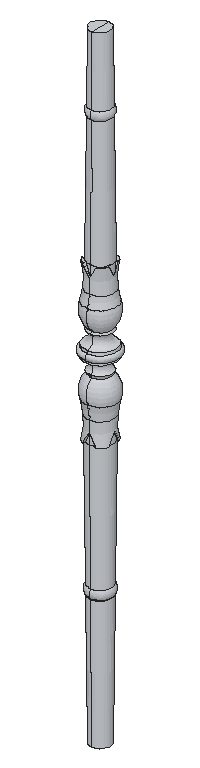
Revit family "134", category Balusters, Revit 2019
Family settings
  OmniClass Number = 23.30.80.11.11.14
  OmniClass Title = Posts, Newel Posts, Pickets
  Always vertical = Yes
  Cut with Voids When Loaded = No
  Shared = No
Parameters
  URL = "https://www.juliusblum.com/"
  built-in parameter 1008623 [instance] = 32.47°
  built-in parameter 1008625 [instance] = (empty or 0)
  Post = no
  Model = "134"
  Manufacturer = "Julius Blum & Co Inc."
  Finish = none
  Description = "Julius Blum & Co Inc. supplies stock material only and does not offer custom design, fabricating or installation services."
  built-in parameter 1008624 [instance] = 32.47°
  built-in parameter 1008622 [instance] = 3' - 4"
Reference planes (in)
  plane 1 "Center (Front/Back)": y = 0
  plane 2: z = 0
  plane 3 "Center (Left/Right)": x = 0
  plane 4 "Top": z = 40
  plane 5 "Top Cut Angle": through (0, 13.58797, 30.89571) normal (0, -0.5369, -0.8437)
  plane 6 "Bottom Cut Angle": through (0, 0, 0) normal (0, -0.5369, -0.8437)
  plane 7 "1.5 to 7.5": through (0, 0.01334, 48) normal (-0.7071, 0.7071, 0)
  plane 8 "4.5 to 10.5": through (0, 0.01334, 48) normal (-0.7071, -0.7071, 0)
  plane 9: z = 26.98137
  plane 10: z = 16.9492
Forms (in)
  Revolve 1, solid
    sketch origin (0, 0, 0) x (0, 1, 0) y (0, 0, 1)
      loop
        line (-0.78576, 16.9492) -> (-0.71461, 8.89426)
        arc (-0.71461, 8.89426) -> (-0.82, 8.62837) -> (-0.74012, 8.35374) r 0.44108
        line (-0.74012, 8.35374) -> (-0.74012, 8.3003) -> (-0.70801, 8.3003) -> (-0.6347, 0) -> (0, 0) -> (0, 40) -> (-0.6347, 40) -> (-0.67762, 35.64371)
        arc (-0.67762, 35.64371) -> (-0.77166, 35.3759) -> (-0.68305, 35.10624) r 0.44108
        line (-0.68305, 35.10624) -> (-0.7416, 26.98137) -> (-0.92815, 26.98137)
        arc (-0.92815, 26.98137) -> (-0.82799, 26.2004) -> (-0.84598, 25.41325) r 5.23996
        arc (-0.84598, 25.41325) -> (-0.89895, 25.0351) -> (-1.00701, 24.66888) r 2.58714
        arc (-1.00701, 24.66888) -> (-1.03052, 23.92244) -> (-0.66142, 23.27321) r 1.37895
        line (-0.66142, 23.27321) -> (-0.74158, 23.11289)
        arc (-0.74158, 23.11289) -> (-0.57665, 22.62555) -> (-0.98688, 22.31505) r 0.4399
        line (-0.98688, 22.31505) -> (-1.00701, 22.1541)
        arc (-1.00701, 22.1541) -> (-1.1685, 21.97662) -> (-1.03551, 21.77689) r 0.19497
        line (-1.03551, 21.77689) -> (-1.03551, 21.62942)
        arc (-1.03551, 21.62942) -> (-0.58522, 21.34571) -> (-0.73881, 20.83614) r 0.43933
        line (-0.73881, 20.83614) -> (-0.65738, 20.67327)
        arc (-0.65738, 20.67327) -> (-1.03024, 20.02483) -> (-1.00701, 19.2772) r 1.37024
        arc (-1.00701, 19.2772) -> (-0.90045, 18.83285) -> (-0.84598, 18.37916) r 3.94552
        arc (-0.84598, 18.37916) -> (-0.82476, 17.6606) -> (-0.92815, 16.9492) r 4.14039
        line (-0.92815, 16.9492) -> (-0.78576, 16.9492)
      axis (0, 40) -> (0, 0)
    angle from 0 to 360
  Extrusion 2, void
    sketch origin (0, 0, 0) x (0, 1, 0) y (0, 0, 1)
      loop
        line (0.01334, 26.27334) -> (0.40878, 26.98137) -> (-0.39544, 26.98137) -> (0.01334, 26.27334)
    from -0.99823 to 1.02593
  Extrusion 3, void
    sketch origin (0, 0, 0) x (1, 0, 0) y (0, 0, 1)
      loop
        line (-0.01334, 26.27334) -> (0.39544, 26.98137) -> (-0.40878, 26.98137) -> (-0.01334, 26.27334)
    from -1.07505 to 1.16085
  Extrusion 4, void
    sketch origin (0, 0, 43.93057) x (0, 1, 0) y (0, 0, 1)
      loop
        line (0.01334, -26.27334) -> (-0.39544, -26.98137) -> (0.40878, -26.98137) -> (0.01334, -26.27334)
    from -0.99823 to 1.02593
  Extrusion 5, void
    sketch origin (0, 0, 43.93057) x (1, 0, 0) y (0, 0, 1)
      loop
        line (-0.01334, -26.27334) -> (-0.40878, -26.98137) -> (0.39544, -26.98137) -> (-0.01334, -26.27334)
    from -1.07505 to 1.16085
  Extrusion 6, solid
    sketch origin (0, 0.83328, 16.9492) x (0, 1, 0) y (-1, 0, 0)
      loop
        circle (-0.83328, 0) r 0.78576
    from 0 to 1.03059
  Extrusion 7, solid
    sketch origin (0, 0.83328, 26.98137) x (0, 1, 0) y (-1, 0, 0)
      loop
        circle (-0.83328, 0) r 0.7416
    from -1.56812 to 0
Cuts and joins
  Extrusion 2, Extrusion 3, Extrusion 4, Extrusion 5 cuts Revolve 1
  joined: Revolve 1, Extrusion 6
Text (in)
  text "Baluster Elevation" at (0, 56.5946, 48.5925), in view "Left"
Dimensions and locks (in)
  "built-in parameter 1008622": plane 2 to plane 4 "Top"
  "built-in parameter 1008623": angle plane 4 "Top" to plane 5 "Top Cut Angle"
  "built-in parameter 1008624": angle level to plane 6 "Bottom Cut Angle"
  aligned and locked: plane 2 to level
  aligned and locked: plane 9 to Extrusion 7
  aligned and locked: plane 9 to Extrusion 2 sketch curve
  aligned and locked: plane 9 to Extrusion 3 sketch curve
Automatic sketch dimensions
  Revolve 1 sketch curve to level = 0' - 0"
  plane 4 "Top" to Revolve 1 sketch curve = 0' - 0"
  Revolve 1 sketch curve to plane 1 "Center (Front/Back)" = 0' - 0"  (x2)
  plane 1 "Center (Front/Back)" to Revolve 1 sketch curve = 0' - 0.3306"
  plane 1 "Center (Front/Back)" to Revolve 1 sketch curve = 0' - 0.3794"
  plane 1 "Center (Front/Back)" to Revolve 1 sketch curve = 0' - 0.6347"  (x2)
  plane 1 "Center (Front/Back)" to Revolve 1 sketch curve = 0' - 0.65738"
  plane 1 "Center (Front/Back)" to Revolve 1 sketch curve = 0' - 0.66142"
  Revolve 1 sketch curve to Revolve 1 sketch curve = 0' - 0.34703"
  Revolve 1 sketch curve to Revolve 1 sketch curve = 0' - 0.35245"
  Revolve 1 sketch curve to Revolve 1 sketch curve = 0' - 0.32861"
  Revolve 1 sketch curve to Revolve 1 sketch curve = 0' - 0.33521"
  Revolve 1 sketch curve to Revolve 1 sketch curve = 0' - 0.08144"
  Revolve 1 sketch curve to Revolve 1 sketch curve = 0' - 0.03211"
  Revolve 1 sketch curve to Revolve 1 sketch curve = 0' - 0.08016"
  plane 1 "Center (Front/Back)" to Revolve 1 sketch curve = 0' - 0.7416"
  plane 1 "Center (Front/Back)" to Revolve 1 sketch curve = 0' - 0.78576"
  Revolve 1 sketch curve to Revolve 1 sketch curve = 0' - 0.18655"
  Revolve 1 sketch curve to Revolve 1 sketch curve = 0' - 0.14239"
  plane 1 "Center (Front/Back)" to Revolve 1 sketch curve = 0' - 0.97408"
  Revolve 1 sketch curve to Revolve 1 sketch curve = 0' - 0.0128"
  Revolve 1 sketch curve to Revolve 1 sketch curve = 0' - 0.2579"
  Revolve 1 sketch curve to Revolve 1 sketch curve = 0' - 0.25554"
  Revolve 1 sketch curve to Revolve 1 sketch curve = 0' - 0.02013"
  Revolve 1 sketch curve to Revolve 1 sketch curve = 0' - 0.06143"
  Revolve 1 sketch curve to Revolve 1 sketch curve = 0' - 2.49945"
  Revolve 1 sketch curve to Revolve 1 sketch curve = 0' - 3.85588"
  Revolve 1 sketch curve to Revolve 1 sketch curve = 0' - 0.1743"
  Revolve 1 sketch curve to Revolve 1 sketch curve = 0' - 2.63317"
  Revolve 1 sketch curve to plane 1 "Center (Front/Back)" = 0' - 0.29895"
  Revolve 1 sketch curve to plane 1 "Center (Front/Back)" = 0' - 0.30801"
  level to Revolve 1 sketch curve = 0' - 8.3003"
  Revolve 1 sketch curve to Revolve 1 sketch curve = 0' - 0.05344"
  Revolve 1 sketch curve to Revolve 1 sketch curve = 0' - 0.25384"
  Revolve 1 sketch curve to Revolve 1 sketch curve = 0' - 8.05494"
  Revolve 1 sketch curve to Revolve 1 sketch curve = 0' - 0.94893"
  Revolve 1 sketch curve to Revolve 1 sketch curve = 0' - 0.23834"
  Revolve 1 sketch curve to Revolve 1 sketch curve = 0' - 2.74274"
  Revolve 1 sketch curve to Revolve 1 sketch curve = 0' - 0.98132"
  Revolve 1 sketch curve to Revolve 1 sketch curve = 0' - 0.16288"
  Revolve 1 sketch curve to Revolve 1 sketch curve = 0' - 0.35567"
  Revolve 1 sketch curve to Revolve 1 sketch curve = 0' - 0.14746"
  Revolve 1 sketch curve to Revolve 1 sketch curve = 0' - 0.18504"
  Revolve 1 sketch curve to Revolve 1 sketch curve = 0' - 0.16095"
  Revolve 1 sketch curve to Revolve 1 sketch curve = 0' - 0.43978"
  Revolve 1 sketch curve to Revolve 1 sketch curve = 0' - 0.16032"
  Revolve 1 sketch curve to Revolve 1 sketch curve = 0' - 0.98067"
  Revolve 1 sketch curve to Revolve 1 sketch curve = 0' - 2.30892"
  Revolve 1 sketch curve to Revolve 1 sketch curve = 0' - 0.34406"
  Revolve 1 sketch curve to Revolve 1 sketch curve = 0' - 1.39923"
  plane 4 "Top" to Revolve 1 sketch curve = 0' - 4.89376"
  Revolve 1 sketch curve to Revolve 1 sketch curve = 0' - 0.2652"
  plane 1 "Center (Front/Back)" to Revolve 1 sketch curve = 0' - 0.84598"  (x2)
  Revolve 1 sketch curve to Revolve 1 sketch curve = 0' - 7.42761"
  Revolve 1 sketch curve to plane 4 "Top" = 0' - 3.2705"
  plane 1 "Center (Front/Back)" to Extrusion 2 sketch curve = 0' - 0.39544"
  Extrusion 2 sketch curve to plane 1 "Center (Front/Back)" = 0' - 0.01334"
  Extrusion 2 sketch curve to plane 1 "Center (Front/Back)" = 0' - 0.40878"
  Extrusion 2 sketch curve to Extrusion 2 sketch curve = 0' - 0.70803"
  Extrusion 3 sketch curve to plane 3 "Center (Left/Right)" = 0' - 0.40878"
  Extrusion 3 sketch curve to plane 3 "Center (Left/Right)" = 0' - 0.01334"
  plane 3 "Center (Left/Right)" to Extrusion 3 sketch curve = 0' - 0.39544"
  Extrusion 3 sketch curve to Extrusion 3 sketch curve = 0' - 0.70803"
  Extrusion 4 sketch curve to plane 1 "Center (Front/Back)" = 0' - 0.39544"
  plane 1 "Center (Front/Back)" to Extrusion 4 sketch curve = 0' - 0.01334"
  plane 1 "Center (Front/Back)" to Extrusion 4 sketch curve = 0' - 0.40878"
  Extrusion 4 sketch curve to level = 1' - 5.65723"
  Extrusion 4 sketch curve to Extrusion 4 sketch curve = 0' - 0.70803"
  plane 3 "Center (Left/Right)" to Extrusion 5 sketch curve = 0' - 0.40878"
  plane 3 "Center (Left/Right)" to Extrusion 5 sketch curve = 0' - 0.01334"
  Extrusion 5 sketch curve to plane 3 "Center (Left/Right)" = 0' - 0.39544"
  Extrusion 5 sketch curve to level = 1' - 5.65723"
  Extrusion 5 sketch curve to Extrusion 5 sketch curve = 0' - 0.70803"
  plane 1 "Center (Front/Back)" to Extrusion 6 sketch curve = 0' - 0"
  Extrusion 6 sketch curve to plane 3 "Center (Left/Right)" = 0' - 0"
  plane 1 "Center (Front/Back)" to Extrusion 7 sketch curve = 0' - 0"
  Extrusion 7 sketch curve to plane 3 "Center (Left/Right)" = 0' - 0"
  radius of Extrusion 6 sketch curve = 0' - 0.78576"
  radius of Extrusion 7 sketch curve = 0' - 0.7416"
